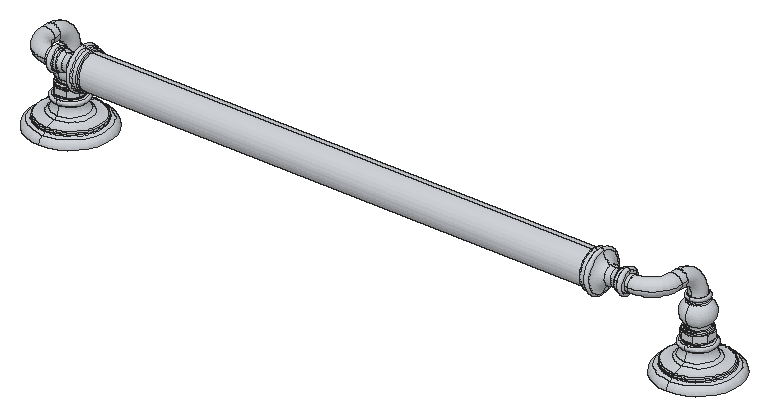
Revit family "Accessory-Grab_Bar-KOHLER-Artifacts-K-25156_1", category Specialty Equipment, host Face, Revit 2017 (continued)
Definition of nested family "K-25156"
  Lines and regions (in)
    symbolic lines, detail levels medium+fine
      curve 78: spline (0, -0.21494, 1.289) -> (0, -0.21892, 1.28263) -> (0, -0.22328, 1.27678) -> (0, -0.22798, 1.27148) -> (0, -0.23298, 1.26677) -> (0, -0.23825, 1.2627) -> (0, -0.24376, 1.25928) -> (0, -0.24945, 1.25655) -> (0, -0.25529, 1.25453) -> (0, -0.26122, 1.25323) -> (0, -0.26722, 1.25266) -> (0, -0.27323, 1.25282) -> (0, -0.27921, 1.25372)
      curve 79: line (0, -0.21494, 1.42477) -> (0, -0.21494, 1.289)
      curve 80: line (0, -0.19763, 1.28901) -> (0, -0.19763, 1.42484)
      curve 81: line (0, -0.19763, 1.42484) -> (0, 0.19763, 1.42484)
      curve 82: arc (0, 0.09236, 1.25321) -> (0, 0, 1.24995) -> (0, -0.09236, 1.25321) r 1.31017
      curve 83: arc (0, -0.09236, 1.25321) -> (0, -0.14927, 1.25853) -> (0, -0.19763, 1.28901) r 0.12288
      curve 84: line (0, -0.19763, 1.28901) -> (0, -0.19763, 1.42484)
      curve 85: arc (0, 0.19763, 1.28901) -> (0, 0.14927, 1.25853) -> (0, 0.09236, 1.25321) r 0.12288
      curve 86: line (0, 0.19763, 1.42484) -> (0, 0.19763, 1.28901)
      curve 87: line (0, 0.21614, 1.289) -> (0, 0.21614, 1.42484)
      curve 88: spline (0, 0.28015, 1.25353) -> (0, 0.27419, 1.25273) -> (0, 0.26821, 1.25265) -> (0, 0.26224, 1.25329) -> (0, 0.25634, 1.25464) -> (0, 0.25053, 1.2567) -> (0, 0.24487, 1.25945) -> (0, 0.2394, 1.26287) -> (0, 0.23415, 1.26694) -> (0, 0.22917, 1.27162) -> (0, 0.22448, 1.27688) -> (0, 0.22013, 1.28269) -> (0, 0.21614, 1.289)
      curve 89: spline (0, 0.45178, 1.25285) -> (0, 0.43754, 1.25041) -> (0, 0.42326, 1.24842) -> (0, 0.40896, 1.24689) -> (0, 0.39463, 1.24581) -> (0, 0.38029, 1.24518) -> (0, 0.36595, 1.24501) -> (0, 0.3516, 1.24529) -> (0, 0.33727, 1.24603) -> (0, 0.32295, 1.24723) -> (0, 0.30865, 1.24887) -> (0, 0.29438, 1.25098) -> (0, 0.28015, 1.25353)
      curve 90: spline (0, 0.51417, 1.27648) -> (0, 0.50945, 1.2726) -> (0, 0.5046, 1.26905) -> (0, 0.49964, 1.26583) -> (0, 0.49458, 1.26296) -> (0, 0.48942, 1.26043) -> (0, 0.48419, 1.25826) -> (0, 0.47888, 1.25644) -> (0, 0.47353, 1.25499) -> (0, 0.46812, 1.2539) -> (0, 0.46269, 1.25318) -> (0, 0.45724, 1.25283) -> (0, 0.45178, 1.25285)
      curve 91: line (0, 0.21614, 1.42484) -> (0, 0.51405, 1.44324)
      curve 92: line (0, -0.21494, 1.42477) -> (0, -0.51405, 1.44324)
      curve 93: spline (0, -0.45178, 1.25285) -> (0, -0.43746, 1.2504) -> (0, -0.42311, 1.2484) -> (0, -0.40872, 1.24687) -> (0, -0.39432, 1.24579) -> (0, -0.3799, 1.24517) -> (0, -0.36547, 1.24501) -> (0, -0.35105, 1.24531) -> (0, -0.33663, 1.24607) -> (0, -0.32224, 1.2473) -> (0, -0.30786, 1.24898) -> (0, -0.29351, 1.25112) -> (0, -0.27921, 1.25372)
      curve 94: spline (0, -0.51417, 1.27648) -> (0, -0.50945, 1.2726) -> (0, -0.5046, 1.26905) -> (0, -0.49964, 1.26583) -> (0, -0.49458, 1.26296) -> (0, -0.48942, 1.26043) -> (0, -0.48419, 1.25826) -> (0, -0.47888, 1.25644) -> (0, -0.47353, 1.25499) -> (0, -0.46812, 1.2539) -> (0, -0.46269, 1.25318) -> (0, -0.45724, 1.25283) -> (0, -0.45178, 1.25285)
      curve 95: line (0, -0.46015, 1.48531) -> (0, 0.46015, 1.48531)
      curve 96: line (0, 0.42061, 1.60812) -> (0, -0.42061, 1.60812)
      curve 97: line (0, 0.4036, 1.69953) -> (0, -0.4036, 1.69953)
      curve 98: line (0, 0.35499, 2.61285) -> (0, -0.35499, 2.61285)
      curve 99: line (0, -0.35499, 2.5301) -> (0, 0.35499, 2.5301)
      curve 100: line (0, 0.29439, 2.71732) -> (0, -0.29527, 2.71732)
      curve 101: line (0, -1.27927, 3.89438) -> (0, -2.00775, 3.89438)
      curve 102: arc (0, -2.29689, 3.59813) -> (0, -2.21251, 3.805) -> (0, -2.00775, 3.89438) r 0.29673
      curve 103: arc (0, -2.29689, 3.59813) -> (0, -2.21251, 3.39126) -> (0, -2.00775, 3.30188) r 0.29673
      curve 104: line (0, -1.27927, 3.30188) -> (0, -2.00775, 3.30188)
      curve 105: arc (0, -1.64893, 3.89438) -> (0, -2.4532, 3.59813) -> (0, -1.64893, 3.30188) r 0.45669
      curve 106: line (0, -0.51405, 1.24534) -> (0, 0.51405, 1.24534)
      curve 107: line (10.8226, 0, 0.352) -> (13.19099, 0, 0.352)
      curve 108: line (13.16331, 0, 0.44179) -> (10.85398, 0, 0.44179)
      curve 109: line (11.44971, 0, 1.13948) -> (12.56388, 0, 1.13948)
      curve 110: line (11.37796, 0, 1.02425) -> (12.63195, 0, 1.02425)
      curve 111: line (11.4847, 0, 1.23124) -> (12.52275, 0, 1.23124)
      curve 112: line (11.4924, 0, 1.42484) -> (11.79031, 0, 1.44324)
      curve 113: line (11.4924, 0, 1.289) -> (11.4924, 0, 1.42484)
      curve 114: spline (11.55641, 0, 1.25353) -> (11.55045, 0, 1.25273) -> (11.54447, 0, 1.25265) -> (11.5385, 0, 1.25329) -> (11.5326, 0, 1.25464) -> (11.52679, 0, 1.2567) -> (11.52113, 0, 1.25945) -> (11.51566, 0, 1.26287) -> (11.51041, 0, 1.26694) -> (11.50543, 0, 1.27162) -> (11.50074, 0, 1.27688) -> (11.49639, 0, 1.28269) -> (11.4924, 0, 1.289)
      curve 115: spline (11.72804, 0, 1.25285) -> (11.7138, 0, 1.25041) -> (11.69952, 0, 1.24842) -> (11.68522, 0, 1.24689) -> (11.67089, 0, 1.24581) -> (11.65656, 0, 1.24518) -> (11.64221, 0, 1.24501) -> (11.62786, 0, 1.24529) -> (11.61353, 0, 1.24603) -> (11.59921, 0, 1.24723) -> (11.58491, 0, 1.24887) -> (11.57064, 0, 1.25098) -> (11.55641, 0, 1.25353)
      curve 116: spline (11.79031, 0, 1.27638) -> (11.7856, 0, 1.27252) -> (11.78076, 0, 1.26898) -> (11.77581, 0, 1.26578) -> (11.77076, 0, 1.26292) -> (11.76561, 0, 1.2604) -> (11.76038, 0, 1.25823) -> (11.75509, 0, 1.25642) -> (11.74974, 0, 1.25498) -> (11.74435, 0, 1.25389) -> (11.73893, 0, 1.25318) -> (11.73349, 0, 1.25283) -> (11.72804, 0, 1.25285)
      curve 117: line (11.79031, 0, 1.27638) -> (11.79031, 0, 1.44324)
      curve 118: arc (11.78986, 0, 1.44404) -> (11.89336, 0, 1.48204) -> (12.00359, 0, 1.48417) r 0.33302
      curve 119: arc (12.01172, 0, 1.23124) -> (11.93984, 0, 1.24417) -> (11.86733, 0, 1.25283) r 1.23854
      curve 120: arc (11.86733, 0, 1.25283) -> (11.82697, 0, 1.25888) -> (11.79015, 0, 1.2765) r 0.13764
      curve 121: arc (12.15168, 0, 1.25243) -> (12.08139, 0, 1.24384) -> (12.01172, 0, 1.23124) r 1.23854
      curve 122: arc (12.20401, 0, 1.26117) -> (12.17808, 0, 1.25536) -> (12.15168, 0, 1.25243) r 0.2417
      curve 123: line (12.20401, 0, 1.26117) -> (12.20401, 0, 1.46385)
      curve 124: arc (12.00359, 0, 1.48417) -> (12.10474, 0, 1.48335) -> (12.20401, 0, 1.46385) r 0.54506
      curve 125: spline (12.20401, 0, 1.46365) -> (12.21701, 0, 1.46922) -> (12.23015, 0, 1.47408) -> (12.24341, 0, 1.47823) -> (12.25678, 0, 1.48168) -> (12.27022, 0, 1.4844) -> (12.28373, 0, 1.48641) -> (12.29729, 0, 1.48769) -> (12.31087, 0, 1.48824) -> (12.32445, 0, 1.48807) -> (12.33802, 0, 1.48717) -> (12.35156, 0, 1.48555) -> (12.36504, 0, 1.4832)
      curve 126: spline (12.36504, 0, 1.4832) -> (12.37824, 0, 1.48553) -> (12.39148, 0, 1.48716) -> (12.40477, 0, 1.48808) -> (12.41806, 0, 1.48829) -> (12.43136, 0, 1.48781) -> (12.44463, 0, 1.48662) -> (12.45786, 0, 1.48472) -> (12.47103, 0, 1.48213) -> (12.48412, 0, 1.47884) -> (12.49712, 0, 1.47486) -> (12.51, 0, 1.47019) -> (12.52275, 0, 1.46485)
      curve 127: spline (12.46088, 0, 1.24738) -> (12.46656, 0, 1.2466) -> (12.47227, 0, 1.24648) -> (12.47797, 0, 1.24701) -> (12.48362, 0, 1.24819) -> (12.48918, 0, 1.25002) -> (12.49462, 0, 1.25248) -> (12.4999, 0, 1.25556) -> (12.50499, 0, 1.25923) -> (12.50985, 0, 1.26347) -> (12.51445, 0, 1.26826) -> (12.51876, 0, 1.27356) -> (12.52275, 0, 1.27933)
      curve 128: spline (12.28924, 0, 1.2467) -> (12.30348, 0, 1.24426) -> (12.31776, 0, 1.24227) -> (12.33207, 0, 1.24074) -> (12.34639, 0, 1.23965) -> (12.36073, 0, 1.23903) -> (12.37508, 0, 1.23886) -> (12.38942, 0, 1.23914) -> (12.40376, 0, 1.23988) -> (12.41808, 0, 1.24107) -> (12.43238, 0, 1.24272) -> (12.44665, 0, 1.24482) -> (12.46088, 0, 1.24738)
      curve 129: arc (12.28924, 0, 1.2467) -> (12.24591, 0, 1.24973) -> (12.20401, 0, 1.26117) r 0.22104
      curve 130: line (11.5426, 0, 1.48696) -> (12.471, 0, 1.48696)
      curve 131: line (12.01172, 0, 1.60819) -> (12.47432, 0, 1.60819)
      curve 132: line (11.54912, 0, 1.60819) -> (12.01172, 0, 1.60819)
      curve 133: line (12.30441, 0, 2.71486) -> (11.70919, 0, 2.71486)
      curve 134: line (12.36671, 0, 2.61285) -> (11.64688, 0, 2.61285)
      curve 135: line (12.36302, 0, 2.5301) -> (11.64688, 0, 2.5301)
      curve 136: line (11.70918, 0, 3.30178) -> (11.70918, 0, 3.59724)
      curve 137: arc (11.70918, 0, 3.59724) -> (11.79624, 0, 3.80742) -> (12.00641, 0, 3.89447) r 0.29723
      curve 138: line (10.99393, 0, 3.89447) -> (10.99393, 0, 3.30178)
      curve 139: line (10.81673, 0, 3.22294) -> (10.81673, 0, 3.97332)
      curve 140: line (10.70294, 0, 3.97015) -> (10.70294, 0, 3.2261)
      curve 141: line (9.99874, 0, 4.27085) -> (9.99874, 0, 2.9254)
      curve 142: line (9.84013, 0, 2.86465) -> (9.84013, 0, 4.3316)
      curve 143: line (9.61694, 0, 4.21997) -> (9.61694, 0, 2.97629)
  Dimensions and locks (in)
    plane 5 to plane 4 = 24.01575"
    plane 15 to plane 13 = 27.0198"
    plane 6 to plane 11 = 4.28178"
    plane 7 to level = 4.38387"
    plane 13 to plane 14 = 3.00405"
    aligned and locked: level to plane 2
Types (7): name | Type | Model | Finish
  (no name) | 1 | "K-25156-CP" | Kohler-Metal-CP-Polished_Chrome
  CP-Polished Chrome | 1 | "K-25156-CP" | Kohler-Metal-CP-Polished_Chrome
  SN-Vibrant Polished Nickel | 2 | "K-25156-SN" | Kohler-Metal-SN-Vibrant_Polished_Nickel
  BN-Vibrant Brushed Nickel | 3 | "K-25156-BN" | Kohler-Metal-BN-Vibrant_Brushed_Nickel
  BV-Vibrant Brushed Bronze | 4 | "K-25156-BV" | Kohler-Plastic-BV-Vibrant-Brushed-Bronze
  2BZ-Oil-Rubbed Bronze | 5 | "K-25156-2BZ" | Kohler-Metal-2BZ-Oil_Rubbed_Bronze
  2MB-Vibrant Brushed Moderne Brass | 6 | "K-25156-2MB" | Kohler-Metal-2MB-Vibrant_Brushed_Moderne_Brass
